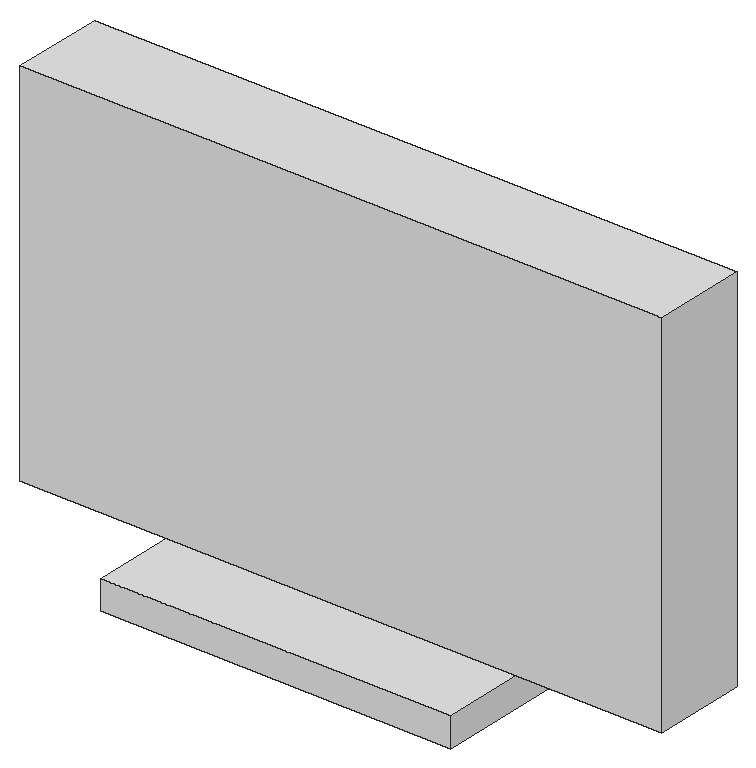
Revit family "LE Screen", category Furniture, Revit 2018
Family settings
  OmniClass Number = 23.40.20.00
  OmniClass Title = General Furniture and Specialties
  Work Plane-Based = No
  Always vertical = Yes
  Cut with Voids When Loaded = No
  Shared = No
  Room Calculation Point = No
Parameters (values of type "550x180mm Monitor 24"")
  Width = 550 mm
  Viewing Line - Visibility = no
  Viewing Distance = 500 mm
  Viewing Angle - Visibility = yes
  Viewing Angle = 30.00°
  URL = "https://studiole.uk"
  Stand Width = 300 mm
  Stand Height = 25 mm
  Stand Depth = 220 mm
  Screen Material = Generic, White
  Screen Diagonal = sqrt(Width ^ 2 + Height ^ 2)  # 648.586 mm
  Screen Diagnonal Inches = Screen Diagonal / 25.4  # 25.535 mm
  Manufacturer = "LE"
  Height = Width * (10 / 16)  # 343.75 mm
  Stand Material = Generic, White
  Depth = 180 mm
Types (4, lengths in mm): name | Width | Viewing Distance | Viewing Angle | Stand Width | Screen Diagonal | Screen Diagnonal Inches | Height | Depth
  (no name) | 550 | 500 | 30.00° | 300 | 648.586 | 25.535 | 343.75 | 180
  650x220mm TV | 650 | 2000 | 45.00° | 350 | 766.511 | 30.178 | 406.25 | 220
  1100x220mm TV 49" | 1100 | 2000 | 45.00° | 450 | 1297.172 | 51.07 | 687.5 | 220
  550x180mm Monitor 24" | 550 | 500 | 30.00° | 300 | 648.586 | 25.535 | 343.75 | 180
Reference planes
  plane 1 "Center (Front/Back)": y = 0
  plane 2: z = 0
  plane 3 "Center (Left/Right)": x = 0
  plane 4 "Left": x = -275
  plane 5 "Right": x = 275
  plane 6 "Back": y = 110
  plane 7 "Front": y = -110
  plane 8: x = -150
  plane 9: x = 150
  plane 10: y = 40
  plane 11: y = -40
Forms (mm)
  Extrusion 1, solid, material "Generic, White" <- "Stand Material"
    sketch origin (0, 0, 0) x (1, 0, 0) y (0, 1, 0)
      loop
        line (-150, 110) -> (-150, -110) -> (150, -110) -> (150, 110) -> (-150, 110)
    from 0 to 25 <- "Stand Height"
  Extrusion 2, solid, material "Generic, White" <- "Screen Material"
    sketch origin (0, 0, 0) x (1, 0, 0) y (0, 1, 0)
      loop
        line (-275, -40) -> (275, -40) -> (275, 40) -> (-275, 40) -> (-275, -40)
    from 25 <- "Stand Height" to 343.75 <- "Height"
Lines and regions (mm)
  model lines, style "FurnitureHiddenLines", visible <- "Viewing Angle - Visibility"
    curve 1: line (-275, -40, 0) -> (-525, -473.013, 0)
    curve 2: line (275, -40, 0) -> (525, -473.013, 0)
    curve 3: arc (-525, -473.013, 0) -> (-404.41, -522.963, 0) -> (-275, -540, 0) r 500
    curve 4: arc (525, -473.013, 0) -> (404.41, -522.963, 0) -> (275, -540, 0) r 500
  model lines, style "FurnitureHiddenLines"
    curve 5: line (-275, -540, 0) -> (275, -540, 0)
  model lines, style "FurnitureHiddenLines", visible <- "Viewing Line - Visibility"
    curve 6: line (-275, -40, 0) -> (-275, -540, 0)
    curve 7: line (275, -40, 0) -> (275, -540, 0)
Dimensions and locks
  equal spacing: plane 6 "Back", plane 1 "Center (Front/Back)", plane 7 "Front"
  equal spacing: plane 4 "Left", plane 3 "Center (Left/Right)", plane 5 "Right"
  "Stand Depth": plane 6 "Back" to plane 7 "Front"
  "Width": plane 4 "Left" to plane 5 "Right"
  "Stand Width": plane 8 to plane 9
  equal spacing: plane 8, plane 3 "Center (Left/Right)", plane 9
  plane 10 to plane 11 = 80 mm
  equal spacing: plane 10, plane 1 "Center (Front/Back)", plane 11
  "Viewing Distance": curve 1 to curve 1
  "Viewing Distance": curve 2 to curve 2
  "Viewing Angle": angle curve 1 to plane 4 "Left"
  "Viewing Angle": angle plane 5 "Right" to curve 2
  aligned and locked: level to plane 2
Automatic sketch dimensions
  Extrusion 1 sketch curve to plane 7 "Front" = 0 mm
  Extrusion 1 sketch curve to plane 8 = 0 mm
  Extrusion 1 sketch curve to plane 9 = 0 mm
  plane 6 "Back" to Extrusion 1 sketch curve = 0 mm
  Extrusion 2 sketch curve to plane 4 "Left" = 0 mm
  Extrusion 2 sketch curve to plane 5 "Right" = 0 mm
  Extrusion 2 sketch curve to plane 11 = 0 mm
  plane 10 to Extrusion 2 sketch curve = 0 mm
  curve 5 to plane 4 "Left" = 0 mm
  curve 4 to plane 5 "Right" = 0 mm
  curve 3 to plane 11 = 0 mm
  curve 6 to plane 11 = 0 mm
  curve 2 to plane 11 = 0 mm
